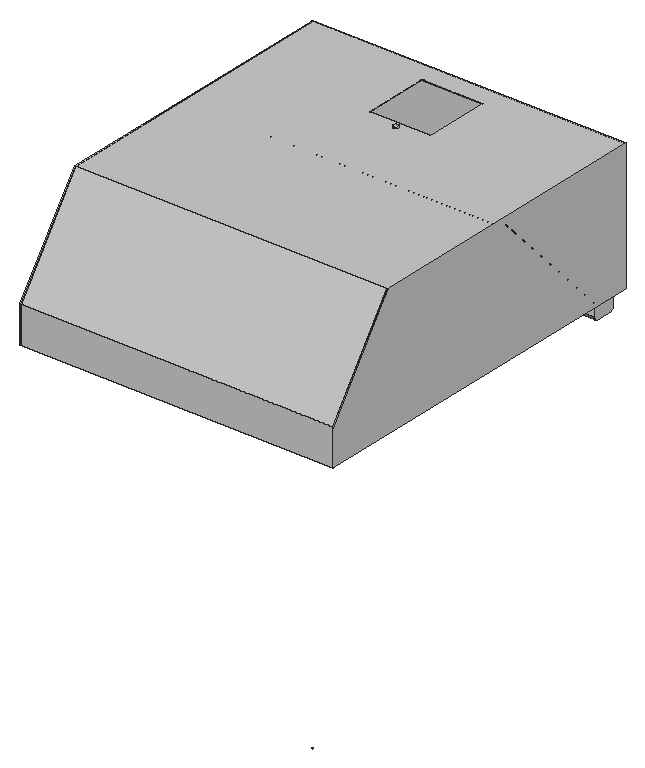
Revit family "QF_ELECTROLUXPROFESSIONAL_644228_ABPV1412BT", category Attrezzature speciali, Revit 2021
Family settings
  Quota connettore circolare = Usa diametro
  Tipo di parte = Normale
  Basato su piano di lavoro = No
  Sempre verticale = Sì
  Taglio con vuoti quando caricato = No
  Condiviso = No
  Punto di calcolo locali = No
Parameters (values of type "Standard")
  Weight = 48.00 kg
  Watts = 300 W
  Volts = 220 V
  URL Manufacturer = "https://www.electroluxprofessional.com/"
  URL = "https://www.electroluxprofessional.com/"
  Steam Supply Size = 0 mm
  Steam Supply Minimum Pressure = 0.0 Pa
  Steam Supply Maximum Pressure = 0.0 Pa
  Steam Consumption per Hour = 0
  Refrigeration Suction Line Size = 0 mm
  Refrigeration Liquid Line Size = 0 mm
  Refrigerant Compressor Remote = yes
  Prospetto di default = 0 mm
  Produttore = "Electrolux Professional"
  Phase = 1
  Modello = "ABPV1412BT"
  Length Actual = 1200 mm  # constant formula
  Item Number = "644228"
  Hot Water Size = 0 mm
  Height Actual = 500 mm  # constant formula
  HP = "0.4 HP"
  Gas Size = 0 mm
  Gas KW = 0
  Gas Input Pressure = 0 W
  Direct Waste Size = 0 mm
  Descrizione = "430 S/S WALL HOOD+FILTER+FAN 1200X1400MM"
  Depth Actual = 1400 mm  # constant formula
  Cycle = 50 Hz
  Condensate Return Size = 0 mm
  Compressed Air Volume = 0.0 L/s
  Compressed Air Size = 0 mm
  Compressed Air Pressure = 0.0 Pa
  Cold Water Size = 0 mm
  Accessory = yes
Reference planes
  plane 1: z = 0
  plane 2 "Center (Left/Right)": x = 150
  plane 3 "LEFT": x = -450
  plane 4 "RIGHT": x = 750
  plane 5 "BACK": y = 550
  plane 6 "TOP": z = 2500
  plane 7 "Base": z = 2000
  plane 8: z = 1926
  plane 9 "DrainY": y = 485
  plane 10: x = -447
  plane 11: through (0, 414.509, 2000.8) normal (0, 0.7314, 0.682)
  plane 12: y = 470
  plane 13: y = 220
  plane 14 "DrainX": x = 630
  plane 15: x = 33.5
  plane 16: x = 266.5
  plane 17: x = 747
  plane 18: x = 540
  plane 19: x = 720
  plane 20: x = -410
  plane 21: x = 710
  plane 22: x = -47.5
  plane 23: x = 347.5
  plane 24: z = 2140.01
  plane 25: y = 200
  plane 26 "Center (Front/Back)": y = -150
  plane 27 "Front": y = -850
  plane 28: y = -590
Forms (mm)
  Extrusion 1, solid, material "QF_Finishes_Stainless Steel"
    sketch origin (-450, 0, 360) x (0, 1, 0) y (0, 0, 1)
      loop
        line (550, 1640) -> (550, 2140) -> (-590, 2140) -> (-850, 1780.01) -> (-850, 1640) -> (550, 1640)
    from 0 to 3
  Extrusion 2, solid, material "QF_Finishes_Stainless Steel"
    sketch origin (150, 0, 360) x (0, 1, 0) y (0, 0, 1)
      loop
        line (415.255, 1640) -> (550, 1640) -> (550, 2139.19) -> (549.2, 2139.19) -> (549.2, 1640.8) -> (415.876, 1640.8) -> (339.347, 1722.867) -> (349.609, 1732.436) -> (348.927, 1733.167) -> (337.934, 1722.917) -> (415.255, 1640)
      loop
        line (-82.203, 2139.19) -> (-82.203, 2118.6) -> (-31.047, 2118.6) -> (34.354, 2048.466) -> (46.028, 2059.352) -> (45.346, 2060.083) -> (34.403, 2049.879) -> (-30.612, 2119.6) -> (-81.203, 2119.6) -> (-81.203, 2139.19) -> (-82.203, 2139.19)
    from -597 to 597
  Extrusion 3, solid, material "QF_Finishes_Stainless Steel"
    sketch origin (750, 0, 360) x (0, 1, 0) y (0, 0, 1)
      loop
        line (550, 1640) -> (550, 2140) -> (-590, 2140) -> (-850, 1780.01) -> (-850, 1640) -> (550, 1640)
    from 0 to -3
  Extrusion 4, solid, material "QF_Finishes_Stainless Steel"
    sketch origin (150, 0, 360) x (0, 1, 0) y (0, 0, 1)
      loop
        line (-850, 1780.01) -> (-850, 1640) -> (-849.2, 1640) -> (-849.2, 1779.751) -> (-589.598, 2139.19) -> (550, 2139.19) -> (550, 2140) -> (-590, 2140) -> (-850, 1780.01)
    from -600 to 600
  Extrusion 5, solid, material "QF_Finishes_Stainless Steel"
    sketch origin (150, 0, 360) x (0, 1, 0) y (0, 0, 1)
      loop
        line (534, 1640) -> (436, 1640) -> (436, 1627) -> (443.5, 1627) -> (443.5, 1576)
        arc (443.5, 1576) -> (446.429, 1568.929) -> (453.5, 1566) r 10
        line (453.5, 1566) -> (516.5, 1566)
        arc (516.5, 1566) -> (523.571, 1568.929) -> (526.5, 1576) r 10
        line (526.5, 1576) -> (526.5, 1627) -> (534, 1627) -> (534, 1640)
    from 390 to 570
  Extrusion 6, solid, material "QF_Finishes_Stainless Steel"
    sketch origin (0, 0, 2000) x (0, 1, 0) y (-1, 0, 0)
      loop
        circle (485, -630) r 20
    from -76 to -74
  Extrusion 7, solid, material "QF_Finished_Chrome"
    sketch origin (150, 0, 360) x (0, 1, 0) y (0, 0, 1)
      loop
        line (337.934, 1722.917) -> (341.591, 1726.327) -> (38.011, 2051.876) -> (34.354, 2048.466) -> (337.934, 1722.917)
    from -197.5 to -560
  Extrusion 8, solid, material "QF_Finishes_Stainless Steel"
    sketch origin (150, 0, 360) x (0, 1, 0) y (0, 0, 1)
      loop
        line (337.934, 1722.917) -> (341.591, 1726.327) -> (38.011, 2051.876) -> (34.354, 2048.466) -> (337.934, 1722.917)
    from 597 to 560
  Extrusion 9, solid, material "QF_Finished_Chrome"
    sketch origin (150, 0, 360) x (0, 1, 0) y (0, 0, 1)
      loop
        line (341.588, 1726.324) -> (38.009, 2051.874) -> (34.354, 2048.466) -> (337.934, 1722.917) -> (341.588, 1726.324)
    from 197.5 to 560
  Extrusion 10, void
    sketch origin (0, 0, 2500) x (0, 1, 0) y (-1, 0, 0)
      loop
        line (470, -266.5) -> (470, -33.5) -> (220, -33.5) -> (220, -266.5) -> (470, -266.5)
    from 0 to -10
  Extrusion 11, solid, material "QF_Finishes_Stainless Steel"
    sketch origin (0, 0, 0) x (1, 0, 0) y (0, 1, 0)
      loop
        line (-450, 550) -> (-450, 549) -> (-449, 549) -> (-449, 550) -> (-450, 550)
    from 0 to 1
  Extrusion 12, solid, material "QF_Finishes_Stainless Steel"
    sketch origin (150, 0, 360) x (0, 1, 0) y (0, 0, 1)
      loop
        line (337.934, 1722.917) -> (341.591, 1726.327) -> (38.011, 2051.876) -> (34.354, 2048.466) -> (337.934, 1722.917)
    from -560 to -597
  Extrusion 13, solid, material "QF_Finishes_Stainless Steel"
    sketch origin (150, 0, 360) x (0, 1, 0) y (0, 0, 1)
      loop
        line (337.934, 1722.917) -> (341.591, 1726.327) -> (38.011, 2051.876) -> (34.354, 2048.466) -> (337.934, 1722.917)
    from 197.5 to -197.5
  Extrusion 14, solid, material "QF_Finishes_Stainless Steel"
    sketch origin (0, 0, 2500) x (0, 1, 0) y (-1, 0, 0)
      loop
        circle (200, -150) r 10
    from 0 to 1.6
Cuts and joins
  Extrusion 10 cuts Extrusion 4
  joined: Extrusion 2, Extrusion 4
Lines and regions (mm)
  reference lines
    curve 1: line (150, 34.354, 2408.466) -> (150, 34.354, 2248.466)
  symbolic lines, style "SpecialityEquipment", detail levels coarse
    curve 2: line (750, 550, 2500) -> (-450, 550, 2500)
    curve 3: line (-450, 550, 2500) -> (-450, -850, 2500)
    curve 4: line (750, -850, 2500) -> (750, 550, 2500)
    curve 5: line (-450, -850, 2500) -> (750, -850, 2500)
    curve 6: line (266.5, 220, 2500) -> (33.5, 220, 2500)
    curve 7: line (266.5, 470, 2500) -> (266.5, 220, 2500)
    curve 8: line (33.5, 470, 2500) -> (266.5, 470, 2500)
    curve 9: line (33.5, 220, 2500) -> (33.5, 470, 2500)
    curve 10: line (-450.423, -590, 0) -> (750, -590, 0)
    curve 11: line (-450, 550, 0) -> (750, -590, 0)
    curve 12: line (-450.423, -590, 0) -> (750, 550, 0)
Dimensions and locks
  plane 3 "LEFT" to plane 4 "RIGHT" = 1200 mm
  equal spacing: plane 3 "LEFT", plane 2 "Center (Left/Right)", plane 4 "RIGHT"
  locked: plane 6 "TOP" to plane 7 "Base" at 500
  plane 7 "Base" to plane 8 = 74 mm
  plane 5 "BACK" to plane 9 "DrainY" = 65 mm  (x2)
  plane 3 "LEFT" to plane 10 = 3 mm
  plane 5 "BACK" to plane 12 = 80 mm
  plane 12 to plane 13 = 250 mm  (x2)
  plane 14 "DrainX" to plane 4 "RIGHT" = 120 mm
  plane 17 to plane 4 "RIGHT" = 3 mm
  locked: plane 18 to plane 14 "DrainX" at 90
  locked: plane 14 "DrainX" to plane 19 at 90
  plane 12 to plane 5 "BACK" = 80 mm
  locked: plane 3 "LEFT" to plane 20 at 40
  locked: plane 21 to plane 4 "RIGHT" at 40
  locked: plane 22 to plane 23 at 395
  equal spacing: plane 22, plane 2 "Center (Left/Right)", plane 23
  locked: plane 15 to plane 16 at 233
  equal spacing: plane 15, plane 2 "Center (Left/Right)", plane 16
  plane 7 "Base" to level = 2000 mm
  plane 24 to plane 7 "Base" = 140.01 mm
  plane 13 to plane 25 = 20 mm
  plane 5 "BACK" to plane 27 "Front" = 1400 mm  (x2)
  equal spacing: plane 5 "BACK", plane 26 "Center (Front/Back)", plane 27 "Front"
  plane 28 to plane 27 "Front" = 260 mm
  aligned and locked: level to plane 1
  aligned and locked: Extrusion 2 to Extrusion 1
  aligned and locked: Extrusion 2 to Extrusion 3
  aligned and locked: plane 4 "RIGHT" to Extrusion 4
  aligned and locked: Extrusion 4 to plane 3 "LEFT"
  aligned and locked: plane 17 to Extrusion 8
  aligned and locked: Extrusion 10 to plane 15
  aligned and locked: Extrusion 10 to plane 13
  aligned and locked: Extrusion 10 to plane 12
  aligned and locked: Extrusion 2 to Extrusion 4
  aligned and locked: plane 19 to Extrusion 5
  aligned and locked: Extrusion 5 to plane 18
  aligned and locked: Extrusion 8 to plane 21
  aligned and locked: Extrusion 9 to plane 21
  aligned and locked: Extrusion 7 to plane 20
  aligned and locked: Extrusion 12 to plane 10
  aligned and locked: plane 20 to Extrusion 12
  aligned and locked: Extrusion 3 to plane 17
  aligned and locked: Extrusion 10 to plane 16
  aligned and locked: plane 16 to curve 7
  aligned and locked: plane 23 to Extrusion 13
  aligned and locked: Extrusion 13 to plane 22
  aligned and locked: Extrusion 9 to plane 23
Automatic sketch dimensions
  curve 5 to plane 4 "RIGHT" = 0 mm
  curve 6 to plane 13 = 0 mm
  plane 12 to curve 8 = 0 mm
  curve 3 to plane 3 "LEFT" = 0 mm
  curve 3 to plane 5 "BACK" = 0 mm
  curve 6 to plane 15 = 0 mm
  Extrusion 2 sketch curve to plane 11 = 0 mm  (x3)
  Extrusion 2 sketch curve to plane 7 "Base" = 0 mm
  plane 11 to Extrusion 2 sketch curve = 0 mm
  Extrusion 2 sketch curve to plane 5 "BACK" = 0 mm
  Extrusion 2 sketch curve to Extrusion 2 sketch curve = 65.646 mm
  Extrusion 2 sketch curve to Extrusion 2 sketch curve = 0.682 mm  (x2)
  Extrusion 2 sketch curve to Extrusion 2 sketch curve = 10.261 mm
  plane 7 "Base" to Extrusion 2 sketch curve = 82.917 mm
  Extrusion 2 sketch curve to Extrusion 2 sketch curve = 10.942 mm
  Extrusion 2 sketch curve to Extrusion 2 sketch curve = 0.049 mm
  Extrusion 2 sketch curve to plane 6 "TOP" = 20.4 mm
  Extrusion 2 sketch curve to plane 6 "TOP" = 21.4 mm
  Extrusion 2 sketch curve to plane 6 "TOP" = 0.81 mm  (x2)
  Extrusion 2 sketch curve to Extrusion 2 sketch curve = 50.156 mm
  Extrusion 2 sketch curve to Extrusion 2 sketch curve = 1 mm
  plane 7 "Base" to Extrusion 2 sketch curve = 0.8 mm
  Extrusion 2 sketch curve to plane 5 "BACK" = 0.8 mm
  curve 1 to plane 11 = 0 mm
  Extrusion 5 sketch curve to plane 7 "Base" = 0 mm
  Extrusion 5 sketch curve to plane 8 = 0 mm
  Extrusion 5 sketch curve to plane 7 "Base" = 13 mm  (x2)
  plane 12 to Extrusion 5 sketch curve = 34 mm
  Extrusion 5 sketch curve to Extrusion 5 sketch curve = 7.5 mm  (x2)
  Extrusion 5 sketch curve to Extrusion 5 sketch curve = 10 mm
  plane 9 "DrainY" to Extrusion 5 sketch curve = 31.5 mm
  Extrusion 5 sketch curve to plane 5 "BACK" = 23.5 mm
  Extrusion 6 sketch curve to plane 9 "DrainY" = 0 mm
  Extrusion 6 sketch curve to plane 14 "DrainX" = 0 mm
  Extrusion 7 sketch curve to plane 11 = 0 mm  (x2)
  Extrusion 7 sketch curve to Extrusion 7 sketch curve = 3.657 mm
  plane 7 "Base" to Extrusion 7 sketch curve = 82.917 mm
  Extrusion 8 sketch curve to plane 11 = 0 mm  (x2)
  Extrusion 8 sketch curve to Extrusion 8 sketch curve = 3.657 mm
  plane 7 "Base" to Extrusion 8 sketch curve = 82.917 mm
  Extrusion 9 sketch curve to plane 11 = 0 mm  (x2)
  Extrusion 9 sketch curve to Extrusion 9 sketch curve = 3.655 mm
  plane 7 "Base" to Extrusion 9 sketch curve = 82.917 mm
  Extrusion 10 sketch curve to plane 13 = 0 mm
  plane 12 to Extrusion 10 sketch curve = 0 mm
  Extrusion 10 sketch curve to plane 16 = 0 mm
  Extrusion 10 sketch curve to plane 15 = 0 mm
  Extrusion 11 sketch curve to plane 3 "LEFT" = 0 mm
  Extrusion 11 sketch curve to plane 5 "BACK" = 0 mm
  plane 3 "LEFT" to Extrusion 11 sketch curve = 1 mm
  Extrusion 11 sketch curve to Extrusion 11 sketch curve = 1 mm
  Extrusion 12 sketch curve to plane 11 = 0 mm  (x2)
  Extrusion 12 sketch curve to Extrusion 12 sketch curve = 3.657 mm
  plane 7 "Base" to Extrusion 12 sketch curve = 82.917 mm
  Extrusion 13 sketch curve to plane 11 = 0 mm  (x2)
  Extrusion 13 sketch curve to Extrusion 13 sketch curve = 3.657 mm
  plane 7 "Base" to Extrusion 13 sketch curve = 82.917 mm
  Extrusion 4 sketch curve to plane 7 "Base" = 0 mm
  Extrusion 4 sketch curve to plane 6 "TOP" = 0 mm
  Extrusion 4 sketch curve to plane 5 "BACK" = 0 mm
  Extrusion 4 sketch curve to Extrusion 4 sketch curve = 0.8 mm
  plane 7 "Base" to Extrusion 4 sketch curve = 140.01 mm
  Extrusion 4 sketch curve to Extrusion 4 sketch curve = 0.81 mm
  Extrusion 4 sketch curve to Extrusion 4 sketch curve = 0.259 mm
  Extrusion 4 sketch curve to Extrusion 4 sketch curve = 0.402 mm
  Extrusion 3 sketch curve to plane 6 "TOP" = 0 mm
  Extrusion 3 sketch curve to plane 5 "BACK" = 0 mm
  Extrusion 3 sketch curve to plane 7 "Base" = 0 mm
  plane 7 "Base" to Extrusion 3 sketch curve = 140.01 mm
  Extrusion 1 sketch curve to plane 6 "TOP" = 0 mm
  Extrusion 1 sketch curve to plane 5 "BACK" = 0 mm
  Extrusion 1 sketch curve to plane 7 "Base" = 0 mm
  plane 7 "Base" to Extrusion 1 sketch curve = 140.01 mm
  curve 1 to curve 1 = 160 mm
  Extrusion 14 sketch curve to plane 2 "Center (Left/Right)" = 0 mm
  Extrusion 14 sketch curve to plane 25 = 0 mm
  Extrusion 1 sketch curve to Extrusion 1 sketch curve = 260 mm
  Extrusion 3 sketch curve to Extrusion 3 sketch curve = 260 mm
  Extrusion 4 sketch curve to Extrusion 4 sketch curve = 259.602 mm
  curve 5 to plane 25 = 1050 mm
  Extrusion 1 sketch curve to plane 25 = 790 mm
  Extrusion 2 sketch curve to plane 6 "TOP" = 91.534 mm
  Extrusion 3 sketch curve to plane 25 = 790 mm
  Extrusion 4 sketch curve to plane 25 = 789.598 mm
  plane 24 to curve 1 = 108.456 mm
  Extrusion 7 sketch curve to plane 6 "TOP" = 88.124 mm
  Extrusion 8 sketch curve to plane 6 "TOP" = 88.124 mm
  Extrusion 9 sketch curve to plane 6 "TOP" = 88.126 mm
  Extrusion 12 sketch curve to plane 6 "TOP" = 88.124 mm
  Extrusion 13 sketch curve to plane 6 "TOP" = 88.124 mm
  curve 11 to plane 3 "LEFT" = 0 mm
  curve 10 to plane 3 "LEFT" = 0.423 mm
  curve 12 to plane 4 "RIGHT" = 0 mm
  curve 10 to plane 4 "RIGHT" = 0 mm
  curve 12 to plane 5 "BACK" = 0 mm
  curve 11 to plane 5 "BACK" = 0 mm
  plane 27 "Front" to curve 11 = 260 mm
  radius of Extrusion 6 sketch curve = 20 mm
  radius of Extrusion 14 sketch curve = 10 mm
Connectors
  piping at (630, 485, 1924), diameter 20
    settings: on Extrusion 6, index 1, connector inside diameter 609.6 mm, connector length 0 mm, flow factor 0, pipe flow 0.0 L/s, pressure drop 0.0 Pa, fitting loss kfactor 0, connector angle 0.00°, fixture units 0, engagement length 0 mm, angle of deflection 0.00°, flow configuration 1, flow direction 2, fitting loss method 0, system type 16, joint type 0, gender type 0, connector reference index -1, connector utility 0, adjustable connector no, is connector primary yes, connector description "Drain"
  hvac at (150, 345, 2500)
    settings: on Extrusion 10, index 2, duct flow 0.0 L/s, flow factor 0, pres drop 0.0 Pa, loss coef 0, conn angle 0.00°, conn width 250 mm, conn height 233 mm, conn diameter 609.6 mm, duct sys type 3, conn prof type 1, flow config 0, flow direction 2, loss method 0, conn ref index -1, conn util no, is conn primary yes, conn desc "EXHAUST OUTLET"
  electrical at (150, 200, 2501.6), driven by "Volts"
    settings: on Extrusion 14, index 3, voltage 220 V, apparent load 0 VA, apparent load phase1 0 VA, apparent load phase2 0 VA, apparent load phase3 0 VA, power factor 1, load classification "Other", number of poles 1, system type 30, power factor state 1, is connector primary yes, connector utility no, sub classification motor no, connector description "Electrical Connection"
